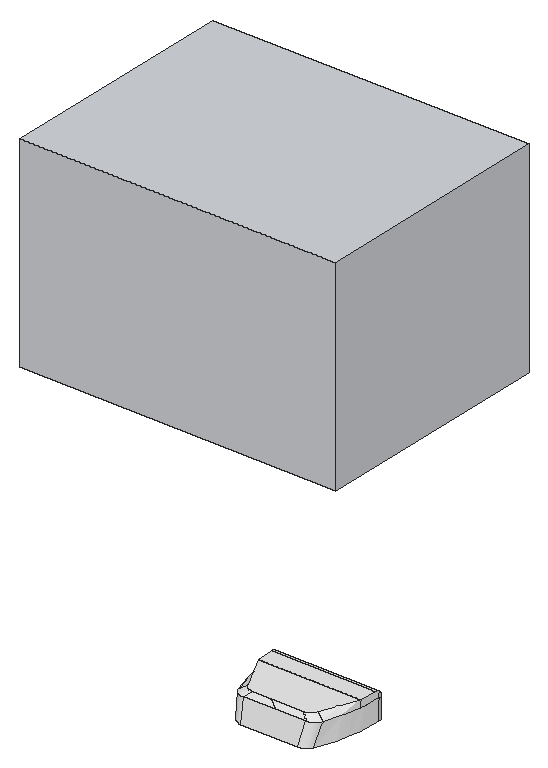
Revit family
Parameters
  Warranty Duration (Years) = 0
  Unit Width [instance] = 1' - 8 177/256"
  Unit Height [instance] = 0' - 9 99/256"
  Unit Depth = 0' - 0"
  URL = "http://www.americanspecialties.com/viewCategories.cfm"
  Trim Material = Plastic - White
  Test Data = ""
  Specification = "http://www.arcat.com/sdspecs/htm/10810asi.htm"
  SpecWizard = ""
  Body Material = Plastic - White
  Send Message = "http://www.arcat.com/users.pl?action=UserEmail&company=American%20Specialties,%20Inc.&coid=30448&rep=139&fax=914-476-0688&mf="
  Sales Information = "http://www.americanspecialties.com/contact"
  Revision = "R1_10-2010"
  Product Properties = "http://www.americanspecialties.com/datasheets/0185%20R5.pdf"
  Product Data = "http://www.arcat.com/arcatcos/cos30/arc30448.html"
  Model = "As Specified in 10 28 13"
  Manufacturer Website = "http://www.americanspecialties.com/viewCategories.cfm"
  Manufacturer Phone - Toll Free = ""
  Manufacturer Phone = "914-476-9000 "
  Manufacturer Fax = "914-476-0688"
  Manufacturer Address = "441 Saw Mill River Rd., Yonkers, NY 10701"
  Manufacturer = "American Specialties, Inc."
  Maintenance Schedule (Months) = 0
  Keynote = "10 28 13"
  Installation-Fabrication = "http://www.americanspecialties.com/products.cfm"
  Green Building-LEED = ""
  Expected Lifespan (Years) = 0
  Drawn By = "Robert S. Weygant. CSI, CDT, SCIP"  # constant formula
  Description = "Toilet Accessory as Specified in 10 28 13"
  Default Elevation = 4' - 0"
  Copyright = "©Arcat Inc."
  Construction Details = "http://www.arcat.com/green/clients/leed_data_30448.html"
  Building Codes = "http://www.americanspecialties.com/products.cfm"
  Assembly Code = "C1030210"
Reference planes (in)
  plane 1 "Center (Front/Back)": y = -1.53715
  plane 2 "Floor Line": z = 0
  plane 3 "Center (Left/Right)": x = -2.54325
  plane 4: x = -10.04325
  plane 5: x = 4.95675
  plane 6: z = 3
  plane 7: z = 4
Forms (in)
  Extrusion 1, solid
    sketch origin (-5.86969, -9, -6) x (0, 0, -1) y (1, 0, 0)
      loop
        line (-82, 26) -> (-82, -19.34712) -> (-52.62835, -19.34712) -> (-52.62835, 26) -> (-82, 26)
    from 9 to -25.60721
  SweptBlend 2, solid, material "Plastic - White" <- "Body Material"
    path origin (-2.54325, 0.90248, -4.33524) x (0, 1, 0) y (0, 0, 1)
      loop
        line (4.78918, 7.33524) -> (4.78918, 8.83524)
    profile origin (-2.54325, 5.69166, 3) x (0, -1, 0) y (1, 0, 0)
      loop
        line (6.32634, 0) -> (6.32634, 4.44564)
        arc (6.32634, 4.44564) -> (6.02068, 5.42404) -> (5.21243, 6.05445) r 1.71875
        arc (5.21243, 6.05445) -> (2.63587, 6.85138) -> (-0.01722, 7.33604) r 22.62407
        line (-0.01722, 7.33604) -> (-0.01722, -7.33604)
        arc (-0.01722, -7.33604) -> (2.63587, -6.85138) -> (5.21243, -6.05445) r 22.62407
        arc (5.21243, -6.05445) -> (6.02068, -5.42404) -> (6.32634, -4.44564) r 1.71875
        line (6.32634, -4.44564) -> (6.32634, 0)
    end profile origin (-2.54325, 5.69166, 4.5) x (0, -1, 0) y (1, 0, 0)
      loop
        line (4.87419, -2.57962) -> (4.87419, 2.57962)
        arc (4.87419, 2.57962) -> (4.71389, 3.28589) -> (4.26439, 3.85374) r 1.63597
        line (4.26439, 3.85374) -> (-0.01722, 7.30209) -> (-0.01722, -7.30209) -> (4.26439, -3.85374)
        arc (4.26439, -3.85374) -> (4.71389, -3.28589) -> (4.87419, -2.57962) r 1.63597
  Extrusion 3, solid, material "Plastic - White" <- "Body Material"
    sketch origin (0, 0, 0) x (1, 0, 0) y (0, 1, 0)
      loop
        arc (-9.03133, 9.70888) -> (-9.74266, 9.4167) -> (-10.04325, 8.70888) r 1.01199
        arc (-10.04325, 8.70888) -> (-10.01113, 7.20616) -> (-9.87929, 5.70888) r 22.62407
        line (-9.87929, 5.70888) -> (4.79279, 5.70888)
        arc (4.79279, 5.70888) -> (4.92463, 7.20616) -> (4.95675, 8.70888) r 22.62407
        arc (4.95675, 8.70888) -> (4.65616, 9.4167) -> (3.94483, 9.70888) r 1.01199
        line (3.94483, 9.70888) -> (-9.03133, 9.70888)
    from 3 to 4.49021
  SweptBlend 4, solid, material "Plastic - White" <- "Body Material"
    path origin (-2.54325, 0, 0) x (0, 1, 0) y (0, 0, 1)
      loop
        line (5.70888, 0) -> (5.70888, 3)
    profile origin (-2.54325, 5.70888, 0) x (0, -1, 0) y (1, 0, 0)
      loop
        line (-4, 6.48808) -> (-4, -6.48808)
        arc (-4, -6.48808) -> (-3.70782, -7.19941) -> (-3, -7.5) r 1.01199
        arc (-3, -7.5) -> (1.77292, -7.04856) -> (6.34356, -5.60153) r 22.62407
        arc (6.34356, -5.60153) -> (7.00329, -4.96924) -> (7.24604, -4.08827) r 1.71994
        line (7.24604, -4.08827) -> (7.24604, 4.08827)
        arc (7.24604, 4.08827) -> (7.00329, 4.96924) -> (6.34356, 5.60153) r 1.71994
        arc (6.34356, 5.60153) -> (1.77292, 7.04856) -> (-3, 7.5) r 22.62407
        arc (-3, 7.5) -> (-3.70782, 7.19941) -> (-4, 6.48808) r 1.01199
    end profile origin (-2.54325, 5.70888, 3) x (0, -1, 0) y (1, 0, 0)
      loop
        line (-4, 6.48808) -> (-4, -6.48808)
        arc (-4, -6.48808) -> (-3.70782, -7.19941) -> (-3, -7.5) r 1.01199
        arc (-3, -7.5) -> (1.18214, -7.16045) -> (5.22965, -6.05445) r 22.62407
        arc (5.22965, -6.05445) -> (6.0379, -5.42404) -> (6.34356, -4.44564) r 1.71875
        line (6.34356, -4.44564) -> (6.34356, 4.44564)
        arc (6.34356, 4.44564) -> (6.0379, 5.42404) -> (5.22965, 6.05445) r 1.71875
        arc (5.22965, 6.05445) -> (1.18214, 7.16045) -> (-3, 7.5) r 22.62407
        arc (-3, 7.5) -> (-3.70782, 7.19941) -> (-4, 6.48808) r 1.01199
  Extrusion 5, void
    sketch origin (-2.54325, 0, 0) x (0, 1, 0) y (0, 0, 1)
      loop
        line (9.70888, 0) -> (10.1997, 0) -> (10.1997, 4.60774) -> (0.867, 4.60774) -> (-0.08814, 3.65261) -> (5.70888, 4) -> (8.16448, 4)
        arc (8.16448, 4) -> (8.80726, 3.76604) -> (9.14928, 3.17365) r 1
        line (9.14928, 3.17365) -> (9.70888, 0)
    from -16.82444 to 12
Cuts and joins
  Extrusion 5 cuts SweptBlend 2
  Extrusion 5 cuts Extrusion 3
  Extrusion 5 cuts SweptBlend 4
  joined: Extrusion 3, SweptBlend 4
Dimensions and locks (in)
  aligned and locked: Extrusion 3 to SweptBlend 2
